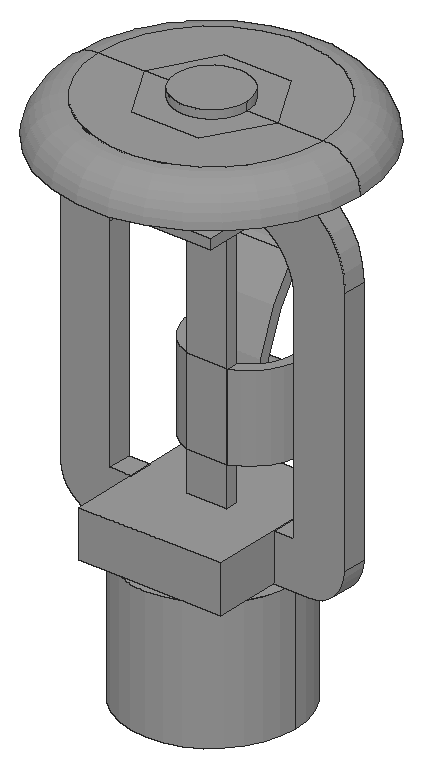
Revit family
Parameters (values of type "RASCO G UPRIGHT")
  Temperature Rating = 165 °F
  Response = (empty or 0)
  RASCO SIN # = "R1023"
  RASCO Part # = "GU17B"
  Pressure Rating = "175 PSI"
  Pressure Class = (empty or 0)
  Orifice Size = 7/16"
  Orifice = (empty or 0)
  Model = "G"
  Manufacturer = "RASCO"
  K-Factor = 4.24
  Description = "Brz. Finish"
  Coverage = (empty or 0)
Reference planes (in)
  plane 1 "Center (Front/Back)": y = 0
  plane 2: z = 0
  plane 3 "Center (Left/Right)": x = 0
Dimensions and locks (in)
  aligned and locked: plane 2 to level
Nested families (in)
  nested 1: "GU17B" at (0, 0.00259, 0), type "RASCO G UPRIGHT"
Connectors (in)
  piping at (0, 0.00259, 0)
    settings: on nested 1, index 1, connector radius 0.45", flow factor 0, pipe flow 0 GPM, pressure drop 0.00 psi, fitting loss kfactor 0, connector angle 0.00°, fixture units 0, flow configuration 0, flow direction 0, fitting loss method 0, system type 7, connector reference index -1, connector utility 0, adjustable connector no, is connector primary yes, fitting loss table "", connector description ""
Definition of nested family "GU17B"
  Parameters (values of type "RASCO G UPRIGHT")
    Type Comments = ""
    Temperature Rating = 0 °F
    Response = (empty or 0)
    Pressure Rating = "0"
    Pressure Class = (empty or 0)
    Orifice Size = 0"
    Orifice = (empty or 0)
    Model = ""
    Manufacturer = ""
    K-Factor = 0
    Description = ""
    Coverage = (empty or 0)
    Assembly Code = ""
  Reference planes (in)
    plane 1 "Center (Front/Back)": y = 0
    plane 2: z = 0
    plane 3 "ref.2": z = 0.6875
    plane 4 "ref.3": z = 0.9375
    plane 5: x = -0.38065
    plane 6: x = 0.36935
    plane 7 "ref. side 1": y = 0.06402
    plane 8 "ref. side 2": y = -0.06098
    plane 9 "ref.4": z = 1.875
    plane 10 "ref.5": z = 2.875
    plane 11 "center": x = -0.00574
  Forms (in)
    Extrusion 1, solid, material "Default"
      sketch origin (0, 0, 0) x (1, 0, 0) y (0, 1, 0)
        loop
          circle (0, 0) r 0.438
      from 0 to 0.6875
    Extrusion 2, solid, material "Default"
      sketch origin (-0.12185, 0.05177, 0.6875) x (1, 0, 0) y (0, 1, 0)
        loop
          line (-0.2588, 0.356) -> (-0.2588, -0.4565) -> (0.4912, -0.4565) -> (0.4912, 0.356) -> (-0.2588, 0.356)
      from 0 to 0.25
    Extrusion 3, solid, material "Default"
      sketch origin (0, 0, 0) x (1, 0, 0) y (0, 0, 1)
        loop
          line (-0.49248, 0.9375) -> (-0.49248, 2.10276)
          arc (-0.49248, 2.10276) -> (-0.40724, 2.30855) -> (-0.20145, 2.39379) r 0.29103
          line (-0.20145, 2.39379) -> (0.18108, 2.39379)
          arc (0.18108, 2.39379) -> (0.38905, 2.30765) -> (0.47519, 2.09969) r 0.29411
          line (0.47519, 2.09969) -> (0.47519, 0.9375) -> (0.36935, 0.9375) -> (0.36935, 0.6875) -> (0.55741, 0.6875)
          arc (0.55741, 0.6875) -> (0.69165, 0.7431) -> (0.74725, 0.87734) r 0.18984
          line (0.74725, 0.87734) -> (0.74725, 2.19113)
          arc (0.74725, 2.19113) -> (0.61669, 2.50631) -> (0.3015, 2.63687) r 0.44574
          line (0.3015, 2.63687) -> (-0.30719, 2.63687)
          arc (-0.30719, 2.63687) -> (-0.62225, 2.50637) -> (-0.75275, 2.19131) r 0.44556
          line (-0.75275, 2.19131) -> (-0.75275, 0.87876)
          arc (-0.75275, 0.87876) -> (-0.69673, 0.74352) -> (-0.56149, 0.6875) r 0.19126
          line (-0.56149, 0.6875) -> (-0.38065, 0.6875) -> (-0.38065, 0.9375) -> (-0.49248, 0.9375)
      from -0.06402 to 0.06098
    Extrusion 4, solid, material "Default"
      sketch origin (-0.00199, 0, 2.4375) x (-1, 0, 0) y (0, -1, 0)
        loop
          circle (0.00574, -0.00152) r 0.1875
      from -0.04371 to 0.4375
    Revolve 5, solid, material "Default"
      sketch origin (-0.0011, 0, 0.30638) x (1, 0, 0) y (0, 0, 1)
        loop
          line (-0.19255, 2.33367) -> (-0.19255, 2.52696) -> (-0.35809, 2.52696) -> (-0.59714, 2.52696)
          arc (-0.59714, 2.52696) -> (-0.73508, 2.47056) -> (-0.79397, 2.33367) r 0.19686
          line (-0.79397, 2.33367) -> (-0.19255, 2.33367)
        axis (-0.00574, 2.33367) -> (-0.00574, 2.52696)
      angle from 0 to 360
    Extrusion 6, solid, material "Default"
      sketch origin (0, 0, 0.9375) x (-1, 0, 0) y (0, -1, 0)
        loop
          line (-0.10175, -0.02852) -> (0.11324, -0.02852) -> (0.11324, 0.03101) -> (-0.10175, 0.03101) -> (-0.10175, -0.02852)
      from 0 to 1.45629
    Extrusion 7, solid, material "Default"
      sketch origin (-0.00574, -0.0095, -0.07537) x (0, 0, -1) y (0, -1, 0)
        loop
          line (-2.39379, 0.21198) -> (-2.39379, -0.229)
          arc (-2.39379, -0.229) -> (-2.26956, -0.41579) -> (-2.04926, -0.37342) r 0.20254
          arc (-2.04926, -0.37342) -> (-1.6599, -0.16721) -> (-1.22163, -0.12207) r 1.15319
          line (-1.22163, -0.12207) -> (-1.22163, -0.07087)
          arc (-1.22163, -0.07087) -> (-1.6782, -0.11947) -> (-2.0834, -0.33544) r 1.20419
          arc (-2.0834, -0.33544) -> (-2.24878, -0.36919) -> (-2.34279, -0.229) r 0.15154
          line (-2.34279, -0.229) -> (-2.34279, 0.21198) -> (-2.39379, 0.21198)
      from -0.17255 to 0.17398
    Extrusion 8, solid, material "Default"
      sketch origin (0, 0, 0) x (1, 0, 0) y (0, 1, 0)
        loop
          arc (0.23993, 0.23051) -> (0.19768, 0.11115) -> (0.10175, 0.02852) r 0.24647
          line (0.10175, 0.02852) -> (-0.11324, 0.02852)
          arc (-0.11324, 0.02852) -> (-0.21767, 0.12447) -> (-0.25194, 0.2621) r 0.24647
          line (-0.25194, 0.2621) -> (-0.25194, 0.40777) -> (-0.30719, 0.40777) -> (-0.30719, 0.25942)
          arc (-0.30719, 0.25942) -> (-0.25653, 0.08328) -> (-0.11324, -0.03101) r 0.30157
          line (-0.11324, -0.03101) -> (0.10175, -0.03101)
          arc (0.10175, -0.03101) -> (0.24461, 0.08262) -> (0.29574, 0.25785) r 0.30157
          line (0.29574, 0.25785) -> (0.29574, 0.40777) -> (0.23993, 0.40777) -> (0.23993, 0.23051)
      from 1.14626 to 1.59756
    Extrusion 9, solid, material "Default"
      sketch origin (-0.00574, -0.0095, -0.07537) x (0, 0, -1) y (0, -1, 0)
        loop
          circle (-1.44728, -0.26892) r 0.13147
      from -0.24568 to 0.24619
  Cuts and joins
    joined: Extrusion 1, Extrusion 2, Revolve 5
  Dimensions and locks (in)
    Revolve 5 sketch curve to Revolve 5 sketch curve = 0.78823"
    plane 10 "ref.5" to level = 2.875"
